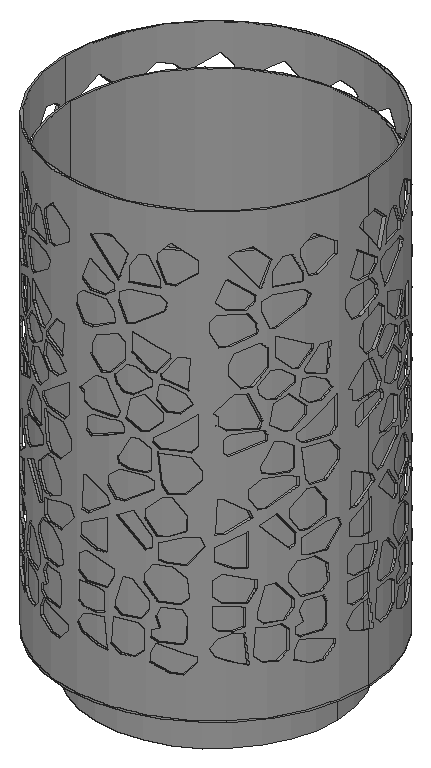
Revit family "Урна «Филигран» Арт 14824", category Антураж, Revit 2018 (continued)
Automatic sketch dimensions
  Extrusion 4 sketch curve to Extrusion 4 sketch curve = 3.3 mm
  Extrusion 4 sketch curve to Extrusion 4 sketch curve = 4.607 mm
  Extrusion 4 sketch curve to Extrusion 4 sketch curve = 5.991 mm
  Extrusion 4 sketch curve to Extrusion 4 sketch curve = 8.037 mm
  Extrusion 4 sketch curve to Extrusion 4 sketch curve = 5.089 mm
  Extrusion 4 sketch curve to Extrusion 4 sketch curve = 20.212 mm
  Extrusion 4 sketch curve to Extrusion 4 sketch curve = 0.868 mm
  Extrusion 4 sketch curve to Extrusion 4 sketch curve = 30.879 mm
  Extrusion 4 sketch curve to Extrusion 4 sketch curve = 6.83 mm
  Extrusion 4 sketch curve to Extrusion 4 sketch curve = 3.31 mm
  Extrusion 4 sketch curve to Extrusion 4 sketch curve = 2.209 mm
  Extrusion 4 sketch curve to Extrusion 4 sketch curve = 8.917 mm
  Extrusion 4 sketch curve to Extrusion 4 sketch curve = 3.401 mm
  Extrusion 4 sketch curve to Extrusion 4 sketch curve = 10.671 mm
  Extrusion 4 sketch curve to Extrusion 4 sketch curve = 0.568 mm
  Extrusion 4 sketch curve to Extrusion 4 sketch curve = 4.256 mm
  Extrusion 4 sketch curve to Extrusion 4 sketch curve = 4.125 mm
  Extrusion 4 sketch curve to Extrusion 4 sketch curve = 2.024 mm  (x2)
  Extrusion 4 sketch curve to Extrusion 4 sketch curve = 8.354 mm
  Extrusion 4 sketch curve to Extrusion 4 sketch curve = 5.299 mm
  Extrusion 4 sketch curve to Extrusion 4 sketch curve = 6.534 mm
  Extrusion 4 sketch curve to Extrusion 4 sketch curve = 4.612 mm
  Extrusion 4 sketch curve to Extrusion 4 sketch curve = 5.606 mm
  Extrusion 4 sketch curve to Extrusion 4 sketch curve = 7.361 mm  (x2)
  Extrusion 4 sketch curve to Extrusion 4 sketch curve = 4.705 mm
  Extrusion 4 sketch curve to Extrusion 4 sketch curve = 6.429 mm
  Extrusion 4 sketch curve to Extrusion 4 sketch curve = 8.905 mm
  Extrusion 4 sketch curve to Extrusion 4 sketch curve = 5.74 mm
  Extrusion 4 sketch curve to Extrusion 4 sketch curve = 20.352 mm
  Extrusion 4 sketch curve to Extrusion 4 sketch curve = 7.109 mm
  Extrusion 4 sketch curve to Extrusion 4 sketch curve = 3.592 mm  (x2)
  Extrusion 4 sketch curve to Extrusion 4 sketch curve = 8.132 mm
  Extrusion 4 sketch curve to Extrusion 4 sketch curve = 5.459 mm
  Extrusion 4 sketch curve to Extrusion 4 sketch curve = 6.799 mm
  Extrusion 4 sketch curve to Extrusion 4 sketch curve = 10.749 mm
  Extrusion 4 sketch curve to Extrusion 4 sketch curve = 5.002 mm
  Extrusion 4 sketch curve to Extrusion 4 sketch curve = 8.04 mm
  Extrusion 4 sketch curve to Extrusion 4 sketch curve = 2.091 mm
  Extrusion 4 sketch curve to Extrusion 4 sketch curve = 9.117 mm
  Extrusion 4 sketch curve to Extrusion 4 sketch curve = 3.602 mm
  Extrusion 4 sketch curve to Extrusion 4 sketch curve = 8.566 mm
  Extrusion 4 sketch curve to Extrusion 4 sketch curve = 1.279 mm
  Extrusion 4 sketch curve to Extrusion 4 sketch curve = 3.47 mm
  Extrusion 4 sketch curve to Extrusion 4 sketch curve = 12.786 mm
  Extrusion 4 sketch curve to Extrusion 4 sketch curve = 9.727 mm  (x2)
  Extrusion 4 sketch curve to Extrusion 4 sketch curve = 31.076 mm
  Extrusion 4 sketch curve to Extrusion 4 sketch curve = 11.559 mm
  Extrusion 4 sketch curve to Extrusion 4 sketch curve = 11.676 mm
  Extrusion 4 sketch curve to Extrusion 4 sketch curve = 11.409 mm
  Extrusion 4 sketch curve to Extrusion 4 sketch curve = 2.481 mm
  Extrusion 4 sketch curve to Extrusion 4 sketch curve = 8.663 mm
  Extrusion 4 sketch curve to Extrusion 4 sketch curve = 4.297 mm
  Extrusion 4 sketch curve to Extrusion 4 sketch curve = 15.112 mm
  Extrusion 4 sketch curve to Extrusion 4 sketch curve = 32.388 mm
  Extrusion 4 sketch curve to Extrusion 4 sketch curve = 10.174 mm
  Extrusion 4 sketch curve to Extrusion 4 sketch curve = 6.951 mm
  Extrusion 4 sketch curve to Extrusion 4 sketch curve = 14.787 mm
  Extrusion 4 sketch curve to Extrusion 4 sketch curve = 1.016 mm
  Extrusion 4 sketch curve to Extrusion 4 sketch curve = 1.533 mm
  Extrusion 4 sketch curve to Extrusion 4 sketch curve = 8.716 mm
  Extrusion 4 sketch curve to Extrusion 4 sketch curve = 5.703 mm  (x2)
  Extrusion 4 sketch curve to Extrusion 4 sketch curve = 10.281 mm
  Extrusion 4 sketch curve to Extrusion 4 sketch curve = 16.53 mm
  Extrusion 4 sketch curve to Extrusion 4 sketch curve = 3.13 mm
  Extrusion 4 sketch curve to Extrusion 4 sketch curve = 5.753 mm
  Extrusion 4 sketch curve to Extrusion 4 sketch curve = 15 mm  (x4)
  Extrusion 4 sketch curve to Extrusion 4 sketch curve = 9.888 mm
  Extrusion 4 sketch curve to Extrusion 4 sketch curve = 0.709 mm
  Extrusion 4 sketch curve to Extrusion 4 sketch curve = 10.408 mm
  Extrusion 4 sketch curve to Extrusion 4 sketch curve = 10.479 mm
  Extrusion 4 sketch curve to Extrusion 4 sketch curve = 8.092 mm  (x2)
  Extrusion 4 sketch curve to Extrusion 4 sketch curve = 0.753 mm
  Extrusion 4 sketch curve to Extrusion 4 sketch curve = 4.108 mm
  Extrusion 4 sketch curve to Extrusion 4 sketch curve = 16.773 mm
  Extrusion 4 sketch curve to Extrusion 4 sketch curve = 0.892 mm
  Extrusion 4 sketch curve to Extrusion 4 sketch curve = 1.907 mm
  Extrusion 4 sketch curve to Extrusion 4 sketch curve = 8.614 mm
  Extrusion 4 sketch curve to Extrusion 4 sketch curve = 1.043 mm
  Extrusion 4 sketch curve to Extrusion 4 sketch curve = 7.325 mm
  Extrusion 4 sketch curve to Extrusion 4 sketch curve = 6.503 mm
  Extrusion 4 sketch curve to Extrusion 4 sketch curve = 1.736 mm  (x2)
  Extrusion 4 sketch curve to Extrusion 4 sketch curve = 4.183 mm
  Extrusion 4 sketch curve to Extrusion 4 sketch curve = 8.47 mm
  Extrusion 4 sketch curve to plane 6 = 43.158 mm
  Extrusion 4 sketch curve to Extrusion 4 sketch curve = 17.678 mm
  Extrusion 4 sketch curve to Extrusion 4 sketch curve = 9.318 mm
  Extrusion 4 sketch curve to Extrusion 4 sketch curve = 3.834 mm
  Extrusion 4 sketch curve to Extrusion 4 sketch curve = 4.991 mm
  Extrusion 4 sketch curve to Extrusion 4 sketch curve = 3.033 mm
  Extrusion 4 sketch curve to Extrusion 4 sketch curve = 8.412 mm
  Extrusion 4 sketch curve to Extrusion 4 sketch curve = 11.911 mm  (x2)
  Extrusion 4 sketch curve to Extrusion 4 sketch curve = 7.65 mm  (x2)
  Extrusion 4 sketch curve to Extrusion 4 sketch curve = 4.293 mm
  Extrusion 4 sketch curve to Extrusion 4 sketch curve = 11.709 mm
  Extrusion 4 sketch curve to Extrusion 4 sketch curve = 0.819 mm
  Extrusion 4 sketch curve to Extrusion 4 sketch curve = 2.609 mm
  Extrusion 4 sketch curve to Extrusion 4 sketch curve = 5.555 mm
  Extrusion 4 sketch curve to Extrusion 4 sketch curve = 6.128 mm
  Extrusion 4 sketch curve to Extrusion 4 sketch curve = 10.218 mm
  Extrusion 4 sketch curve to Extrusion 4 sketch curve = 10.487 mm
  Extrusion 4 sketch curve to Extrusion 4 sketch curve = 14.489 mm
  Extrusion 4 sketch curve to Extrusion 4 sketch curve = 5.237 mm
  Extrusion 4 sketch curve to Extrusion 4 sketch curve = 9.063 mm  (x3)
  Extrusion 4 sketch curve to Extrusion 4 sketch curve = 22.47 mm
  Extrusion 4 sketch curve to Extrusion 4 sketch curve = 2.619 mm
  Extrusion 4 sketch curve to Extrusion 4 sketch curve = 2.763 mm
  Extrusion 4 sketch curve to Extrusion 4 sketch curve = 23.668 mm
  Extrusion 4 sketch curve to Extrusion 4 sketch curve = 1.426 mm
  Extrusion 4 sketch curve to Extrusion 4 sketch curve = 4.574 mm
  Extrusion 4 sketch curve to Extrusion 4 sketch curve = 1.848 mm
  Extrusion 4 sketch curve to Extrusion 4 sketch curve = 5.761 mm  (x2)
  Extrusion 4 sketch curve to Extrusion 4 sketch curve = 1.466 mm
  Extrusion 4 sketch curve to Extrusion 4 sketch curve = 18.596 mm
  Extrusion 4 sketch curve to Extrusion 4 sketch curve = 4.575 mm  (x2)
  Extrusion 4 sketch curve to Extrusion 4 sketch curve = 11.805 mm
  Extrusion 4 sketch curve to Extrusion 4 sketch curve = 10.054 mm
  Extrusion 4 sketch curve to Extrusion 4 sketch curve = 20.79 mm
  Extrusion 4 sketch curve to Extrusion 4 sketch curve = 8.964 mm
  Extrusion 4 sketch curve to Extrusion 4 sketch curve = 9.033 mm
  Extrusion 4 sketch curve to Extrusion 4 sketch curve = 7.689 mm
  Extrusion 4 sketch curve to Extrusion 4 sketch curve = 0.858 mm
  Extrusion 4 sketch curve to Extrusion 4 sketch curve = 8.252 mm
  Extrusion 4 sketch curve to Extrusion 4 sketch curve = 3.917 mm
  Extrusion 4 sketch curve to Extrusion 4 sketch curve = 16.557 mm
  Extrusion 4 sketch curve to Extrusion 4 sketch curve = 7.576 mm
  Extrusion 4 sketch curve to Extrusion 4 sketch curve = 6.759 mm
  Extrusion 4 sketch curve to Extrusion 4 sketch curve = 8.195 mm  (x4)
  Extrusion 4 sketch curve to Extrusion 4 sketch curve = 7.097 mm
  Extrusion 4 sketch curve to Extrusion 4 sketch curve = 3.164 mm
  Extrusion 4 sketch curve to Extrusion 4 sketch curve = 5.016 mm
  Extrusion 4 sketch curve to Extrusion 4 sketch curve = 14.156 mm
  Extrusion 4 sketch curve to Extrusion 4 sketch curve = 3.81 mm
  Extrusion 4 sketch curve to Extrusion 4 sketch curve = 20.711 mm
  Extrusion 4 sketch curve to Extrusion 4 sketch curve = 4.964 mm
  Extrusion 4 sketch curve to Extrusion 4 sketch curve = 5.036 mm
  Extrusion 4 sketch curve to Extrusion 4 sketch curve = 0.908 mm
  Extrusion 4 sketch curve to Extrusion 4 sketch curve = 6.208 mm
  Extrusion 4 sketch curve to Extrusion 4 sketch curve = 8.77 mm
  Extrusion 4 sketch curve to Extrusion 4 sketch curve = 27.604 mm
  Extrusion 4 sketch curve to Extrusion 4 sketch curve = 7.475 mm
  Extrusion 4 sketch curve to Extrusion 4 sketch curve = 0.23 mm
  Extrusion 4 sketch curve to Extrusion 4 sketch curve = 7.131 mm
  Extrusion 4 sketch curve to Extrusion 4 sketch curve = 8.416 mm
  Extrusion 4 sketch curve to Extrusion 4 sketch curve = 10.206 mm
  Extrusion 4 sketch curve to Extrusion 4 sketch curve = 11.567 mm
  Extrusion 4 sketch curve to Extrusion 4 sketch curve = 4.461 mm
  Extrusion 4 sketch curve to Extrusion 4 sketch curve = 9.249 mm
  Extrusion 4 sketch curve to Extrusion 4 sketch curve = 12.477 mm
  Extrusion 4 sketch curve to Extrusion 4 sketch curve = 10.973 mm
  Extrusion 4 sketch curve to Extrusion 4 sketch curve = 8.258 mm  (x2)
  Extrusion 4 sketch curve to Extrusion 4 sketch curve = 3.669 mm
  Extrusion 4 sketch curve to Extrusion 4 sketch curve = 8.083 mm
  Extrusion 4 sketch curve to Extrusion 4 sketch curve = 10.92 mm
  Extrusion 4 sketch curve to Extrusion 4 sketch curve = 17.565 mm
  Extrusion 4 sketch curve to Extrusion 4 sketch curve = 8.496 mm
  Extrusion 4 sketch curve to Extrusion 4 sketch curve = 19.844 mm
  Extrusion 4 sketch curve to Extrusion 4 sketch curve = 2.33 mm
  Extrusion 4 sketch curve to Extrusion 4 sketch curve = 5 mm  (x2)
  Extrusion 4 sketch curve to Extrusion 4 sketch curve = 10.402 mm
  Extrusion 4 sketch curve to Extrusion 4 sketch curve = 13.382 mm
  Extrusion 4 sketch curve to Extrusion 4 sketch curve = 11.595 mm
  Extrusion 4 sketch curve to Extrusion 4 sketch curve = 4.05 mm
  Extrusion 4 sketch curve to Extrusion 4 sketch curve = 12.1 mm
  Extrusion 4 sketch curve to Extrusion 4 sketch curve = 2.912 mm
  Extrusion 4 sketch curve to Extrusion 4 sketch curve = 2.022 mm
  Extrusion 4 sketch curve to Extrusion 4 sketch curve = 4.924 mm
  Extrusion 4 sketch curve to Extrusion 4 sketch curve = 2.178 mm
  Extrusion 4 sketch curve to Extrusion 4 sketch curve = 15.916 mm
  Extrusion 4 sketch curve to Extrusion 4 sketch curve = 4.054 mm
  Extrusion 4 sketch curve to Extrusion 4 sketch curve = 1.017 mm
  Extrusion 4 sketch curve to Extrusion 4 sketch curve = 3.774 mm
  Extrusion 4 sketch curve to Extrusion 4 sketch curve = 3.857 mm
  Extrusion 4 sketch curve to Extrusion 4 sketch curve = 4.381 mm
  Extrusion 4 sketch curve to Extrusion 4 sketch curve = 6.592 mm
  Extrusion 4 sketch curve to Extrusion 4 sketch curve = 9.848 mm
  Extrusion 4 sketch curve to Extrusion 4 sketch curve = 10.453 mm
  Extrusion 4 sketch curve to Extrusion 4 sketch curve = 5.241 mm
  Extrusion 4 sketch curve to Extrusion 4 sketch curve = 12.19 mm
  Extrusion 4 sketch curve to Extrusion 4 sketch curve = 21.538 mm
  Extrusion 4 sketch curve to Extrusion 4 sketch curve = 9.748 mm
  Extrusion 4 sketch curve to Extrusion 4 sketch curve = 10.86 mm
  Extrusion 4 sketch curve to Extrusion 4 sketch curve = 2.208 mm
  Extrusion 4 sketch curve to Extrusion 4 sketch curve = 18.421 mm
  Extrusion 4 sketch curve to Extrusion 4 sketch curve = 11.396 mm
  Extrusion 4 sketch curve to Extrusion 4 sketch curve = 5.246 mm
  Extrusion 4 sketch curve to Extrusion 4 sketch curve = 5.552 mm
  Extrusion 4 sketch curve to Extrusion 4 sketch curve = 2.452 mm
  Extrusion 4 sketch curve to Extrusion 4 sketch curve = 4.94 mm
  Extrusion 4 sketch curve to Extrusion 4 sketch curve = 11.143 mm
  Extrusion 4 sketch curve to Extrusion 4 sketch curve = 5.647 mm
  Extrusion 4 sketch curve to Extrusion 4 sketch curve = 6.001 mm
  Extrusion 4 sketch curve to Extrusion 4 sketch curve = 5.368 mm
  Extrusion 4 sketch curve to Extrusion 4 sketch curve = 6.924 mm
  Extrusion 4 sketch curve to Extrusion 4 sketch curve = 2.921 mm
  Extrusion 4 sketch curve to Extrusion 4 sketch curve = 38.84 mm
  Extrusion 4 sketch curve to Extrusion 4 sketch curve = 5.217 mm
  Extrusion 4 sketch curve to Extrusion 4 sketch curve = 27.012 mm
  Extrusion 4 sketch curve to Extrusion 4 sketch curve = 15.543 mm
  Extrusion 4 sketch curve to Extrusion 4 sketch curve = 7.16 mm
  Extrusion 4 sketch curve to Extrusion 4 sketch curve = 21.902 mm
  Extrusion 4 sketch curve to Extrusion 4 sketch curve = 3.026 mm
  Extrusion 4 sketch curve to Extrusion 4 sketch curve = 6.749 mm
  Extrusion 4 sketch curve to Extrusion 4 sketch curve = 12.277 mm
  Extrusion 4 sketch curve to Extrusion 4 sketch curve = 11.427 mm
  Extrusion 4 sketch curve to Extrusion 4 sketch curve = 3.19 mm
  Extrusion 4 sketch curve to Extrusion 4 sketch curve = 6.81 mm
  Extrusion 4 sketch curve to Extrusion 4 sketch curve = 8.979 mm
  Extrusion 4 sketch curve to Extrusion 4 sketch curve = 8.508 mm
  Extrusion 4 sketch curve to Extrusion 4 sketch curve = 4.194 mm
  Extrusion 4 sketch curve to Extrusion 4 sketch curve = 10.378 mm
  Extrusion 4 sketch curve to Extrusion 4 sketch curve = 13.31 mm
  Extrusion 4 sketch curve to Extrusion 4 sketch curve = 4.736 mm
  Extrusion 4 sketch curve to Extrusion 4 sketch curve = 24.419 mm
  Extrusion 4 sketch curve to Extrusion 4 sketch curve = 8.064 mm
  Extrusion 4 sketch curve to Extrusion 4 sketch curve = 9.397 mm
  Extrusion 4 sketch curve to Extrusion 4 sketch curve = 9.912 mm
  Extrusion 4 sketch curve to Extrusion 4 sketch curve = 9.56 mm
  Extrusion 4 sketch curve to Extrusion 4 sketch curve = 18.112 mm
  Extrusion 4 sketch curve to Extrusion 4 sketch curve = 5.975 mm
  Extrusion 4 sketch curve to Extrusion 4 sketch curve = 1.819 mm
  Extrusion 4 sketch curve to Extrusion 4 sketch curve = 0.663 mm
  Extrusion 4 sketch curve to Extrusion 4 sketch curve = 5.996 mm
  Extrusion 4 sketch curve to Extrusion 4 sketch curve = 2.793 mm
  Extrusion 4 sketch curve to Extrusion 4 sketch curve = 1.8 mm
  Extrusion 4 sketch curve to Extrusion 4 sketch curve = 10.675 mm
  Extrusion 4 sketch curve to Extrusion 4 sketch curve = 6.476 mm
  Extrusion 4 sketch curve to Extrusion 4 sketch curve = 15.909 mm
  Extrusion 4 sketch curve to Extrusion 4 sketch curve = 6.115 mm
  Extrusion 4 sketch curve to Extrusion 4 sketch curve = 3.769 mm
  Extrusion 4 sketch curve to Extrusion 4 sketch curve = 16.398 mm
  Extrusion 4 sketch curve to Extrusion 4 sketch curve = 13.448 mm
  Extrusion 4 sketch curve to Extrusion 4 sketch curve = 22.918 mm
  Extrusion 4 sketch curve to Extrusion 4 sketch curve = 3.067 mm
  Extrusion 4 sketch curve to Extrusion 4 sketch curve = 8.209 mm
  Extrusion 4 sketch curve to Extrusion 4 sketch curve = 5.207 mm
  Extrusion 4 sketch curve to Extrusion 4 sketch curve = 15.923 mm
  Extrusion 4 sketch curve to Extrusion 4 sketch curve = 13.021 mm
  Extrusion 4 sketch curve to Extrusion 4 sketch curve = 15.468 mm
  Extrusion 4 sketch curve to Extrusion 4 sketch curve = 6.408 mm
  Extrusion 4 sketch curve to Extrusion 4 sketch curve = 9.325 mm
  Extrusion 4 sketch curve to Extrusion 4 sketch curve = 19.538 mm
  Extrusion 4 sketch curve to Extrusion 4 sketch curve = 23.239 mm
  Extrusion 4 sketch curve to Extrusion 4 sketch curve = 7.392 mm
  Extrusion 4 sketch curve to Extrusion 4 sketch curve = 2.351 mm
  Extrusion 4 sketch curve to Extrusion 4 sketch curve = 5.343 mm
  Extrusion 4 sketch curve to Extrusion 4 sketch curve = 5.238 mm
  Extrusion 4 sketch curve to Extrusion 4 sketch curve = 7.126 mm
  Extrusion 4 sketch curve to Extrusion 4 sketch curve = 11.271 mm
  Extrusion 4 sketch curve to Extrusion 4 sketch curve = 4.82 mm
  Extrusion 4 sketch curve to Extrusion 4 sketch curve = 6.938 mm
  Extrusion 4 sketch curve to Extrusion 4 sketch curve = 12.287 mm
  Extrusion 4 sketch curve to Extrusion 4 sketch curve = 24.531 mm
  Extrusion 4 sketch curve to Extrusion 4 sketch curve = 8.588 mm
  Extrusion 4 sketch curve to Extrusion 4 sketch curve = 1.861 mm
  Extrusion 4 sketch curve to Extrusion 4 sketch curve = 13.779 mm
  Extrusion 4 sketch curve to Extrusion 4 sketch curve = 6.475 mm
  Extrusion 4 sketch curve to Extrusion 4 sketch curve = 3.283 mm
  Extrusion 4 sketch curve to Extrusion 4 sketch curve = 4.152 mm
  Extrusion 4 sketch curve to Extrusion 4 sketch curve = 0.554 mm
  Extrusion 4 sketch curve to Extrusion 4 sketch curve = 7.863 mm
  Extrusion 4 sketch curve to Extrusion 4 sketch curve = 25 mm
  Extrusion 4 sketch curve to Extrusion 4 sketch curve = 7.673 mm
  Extrusion 4 sketch curve to Extrusion 4 sketch curve = 7.169 mm
  Extrusion 4 sketch curve to Extrusion 4 sketch curve = 12.428 mm
  Extrusion 4 sketch curve to Extrusion 4 sketch curve = 4.55 mm
  Extrusion 4 sketch curve to Extrusion 4 sketch curve = 11.081 mm
  Extrusion 4 sketch curve to Extrusion 4 sketch curve = 9.682 mm
  Extrusion 4 sketch curve to Extrusion 4 sketch curve = 13.624 mm
  Extrusion 4 sketch curve to Extrusion 4 sketch curve = 1.37 mm
  Extrusion 4 sketch curve to Extrusion 4 sketch curve = 7.062 mm
  Extrusion 4 sketch curve to Extrusion 4 sketch curve = 2.359 mm
  Extrusion 4 sketch curve to Extrusion 4 sketch curve = 10.416 mm
  Extrusion 4 sketch curve to Extrusion 4 sketch curve = 8.471 mm
  Extrusion 4 sketch curve to Extrusion 4 sketch curve = 9.643 mm
  level to Extrusion 5 sketch curve = 258.66 mm
  Extrusion 5 sketch curve to Extrusion 5 sketch curve = 3.475 mm
  Extrusion 5 sketch curve to Extrusion 5 sketch curve = 5.917 mm
  Extrusion 5 sketch curve to plane 6 = 57.671 mm  (x2)
  Extrusion 5 sketch curve to Extrusion 5 sketch curve = 4.003 mm
  Extrusion 5 sketch curve to Extrusion 5 sketch curve = 4.036 mm
  Extrusion 5 sketch curve to Extrusion 5 sketch curve = 8.618 mm
  Extrusion 5 sketch curve to plane 6 = 226.764 mm
  Extrusion 5 sketch curve to Extrusion 5 sketch curve = 4.755 mm
  Extrusion 5 sketch curve to plane 6 = 282.423 mm
  Extrusion 5 sketch curve to Extrusion 5 sketch curve = 7.071 mm  (x3)
  Extrusion 5 sketch curve to Extrusion 5 sketch curve = 2.95 mm
  Extrusion 5 sketch curve to Extrusion 5 sketch curve = 1.479 mm
  level to Extrusion 5 sketch curve = 196.579 mm
  Extrusion 5 sketch curve to Extrusion 5 sketch curve = 16.901 mm
  Extrusion 5 sketch curve to plane 6 = 210.193 mm
  Extrusion 5 sketch curve to Extrusion 5 sketch curve = 5.63 mm
  level to Extrusion 5 sketch curve = 219.818 mm
  Extrusion 5 sketch curve to Extrusion 5 sketch curve = 2.033 mm
  Extrusion 5 sketch curve to Extrusion 5 sketch curve = 0.296 mm
  level to Extrusion 5 sketch curve = 269.335 mm
  Extrusion 5 sketch curve to Extrusion 5 sketch curve = 13.314 mm
  level to Extrusion 5 sketch curve = 293.443 mm
  Extrusion 5 sketch curve to Extrusion 5 sketch curve = 0 mm  (x4)
  level to Extrusion 5 sketch curve = 174.886 mm
  Extrusion 5 sketch curve to Extrusion 5 sketch curve = 2.347 mm
  Extrusion 5 sketch curve to plane 6 = 214.574 mm
  Extrusion 5 sketch curve to Extrusion 5 sketch curve = 3.111 mm
  Extrusion 5 sketch curve to Extrusion 5 sketch curve = 1.921 mm
  level to Extrusion 5 sketch curve = 142.717 mm
  Extrusion 5 sketch curve to Extrusion 5 sketch curve = 3.5 mm
  Extrusion 5 sketch curve to Extrusion 5 sketch curve = 14.142 mm  (x2)
  Extrusion 5 sketch curve to Extrusion 5 sketch curve = 4.226 mm  (x2)
  Extrusion 5 sketch curve to plane 6 = 237.624 mm
  Extrusion 5 sketch curve to Extrusion 5 sketch curve = 13.411 mm
  Extrusion 5 sketch curve to Extrusion 5 sketch curve = 2.555 mm
  Extrusion 5 sketch curve to plane 6 = 171.858 mm
  Extrusion 5 sketch curve to Extrusion 5 sketch curve = 13.402 mm
  Extrusion 5 sketch curve to plane 6 = 88.362 mm
  Extrusion 5 sketch curve to Extrusion 5 sketch curve = 23.515 mm
  Extrusion 5 sketch curve to Extrusion 5 sketch curve = 12.773 mm
  level to Extrusion 5 sketch curve = 232.674 mm
  Extrusion 5 sketch curve to Extrusion 5 sketch curve = 15.025 mm
  Extrusion 5 sketch curve to plane 6 = 39.436 mm
  Extrusion 5 sketch curve to Extrusion 5 sketch curve = 28.08 mm
  Extrusion 5 sketch curve to plane 6 = 174.528 mm
  Extrusion 5 sketch curve to Extrusion 5 sketch curve = 7.66 mm
  Extrusion 5 sketch curve to Extrusion 5 sketch curve = 14.168 mm
  Extrusion 5 sketch curve to plane 6 = 206.419 mm
  Extrusion 5 sketch curve to Extrusion 5 sketch curve = 16.342 mm
  Extrusion 5 sketch curve to plane 6 = 109.299 mm
  Extrusion 5 sketch curve to Extrusion 5 sketch curve = 7.958 mm
  level to Extrusion 5 sketch curve = 266.542 mm
  Extrusion 5 sketch curve to Extrusion 5 sketch curve = 19.741 mm
  level to Extrusion 5 sketch curve = 317.862 mm
  Extrusion 5 sketch curve to Extrusion 5 sketch curve = 5.393 mm
  Extrusion 5 sketch curve to Extrusion 5 sketch curve = 14.055 mm
  level to Extrusion 5 sketch curve = 138.167 mm
  Extrusion 5 sketch curve to Extrusion 5 sketch curve = 17.512 mm
  Extrusion 5 sketch curve to Extrusion 5 sketch curve = 10 mm  (x6)
  Extrusion 5 sketch curve to Extrusion 5 sketch curve = 7.253 mm
  Extrusion 5 sketch curve to plane 6 = 120.866 mm  (x2)
  Extrusion 5 sketch curve to Extrusion 5 sketch curve = 3.536 mm  (x3)
  Extrusion 5 sketch curve to plane 6 = 239.831 mm
  Extrusion 5 sketch curve to Extrusion 5 sketch curve = 3.3 mm
  level to Extrusion 5 sketch curve = 313.668 mm
  Extrusion 5 sketch curve to Extrusion 5 sketch curve = 4.607 mm
  Extrusion 5 sketch curve to plane 6 = 324.159 mm
  Extrusion 5 sketch curve to Extrusion 5 sketch curve = 5.991 mm
  Extrusion 5 sketch curve to plane 6 = 200.187 mm
  Extrusion 5 sketch curve to Extrusion 5 sketch curve = 8.037 mm
  Extrusion 5 sketch curve to plane 6 = 83.398 mm
  Extrusion 5 sketch curve to Extrusion 5 sketch curve = 5.089 mm
  Extrusion 5 sketch curve to plane 6 = 102.168 mm
  level to Extrusion 5 sketch curve = 183.949 mm
  Extrusion 5 sketch curve to Extrusion 5 sketch curve = 20.212 mm
  Extrusion 5 sketch curve to plane 6 = 195.263 mm
  Extrusion 5 sketch curve to Extrusion 5 sketch curve = 0.868 mm
  Extrusion 5 sketch curve to Extrusion 5 sketch curve = 30.879 mm
  level to Extrusion 5 sketch curve = 159.317 mm  (x2)
  Extrusion 5 sketch curve to Extrusion 5 sketch curve = 6.83 mm
  Extrusion 5 sketch curve to Extrusion 5 sketch curve = 3.31 mm
  Extrusion 5 sketch curve to Extrusion 5 sketch curve = 2.209 mm
  Extrusion 5 sketch curve to Extrusion 5 sketch curve = 8.917 mm
  Extrusion 5 sketch curve to Extrusion 5 sketch curve = 3.401 mm
  level to Extrusion 5 sketch curve = 258.265 mm
  Extrusion 5 sketch curve to Extrusion 5 sketch curve = 10.671 mm
  Extrusion 5 sketch curve to Extrusion 5 sketch curve = 0.568 mm
  Extrusion 5 sketch curve to Extrusion 5 sketch curve = 4.256 mm
  Extrusion 5 sketch curve to Extrusion 5 sketch curve = 4.125 mm
  level to Extrusion 5 sketch curve = 140.693 mm
  Extrusion 5 sketch curve to Extrusion 5 sketch curve = 2.024 mm
  Extrusion 5 sketch curve to plane 6 = 225.97 mm
  Extrusion 5 sketch curve to Extrusion 5 sketch curve = 8.354 mm
  level to Extrusion 5 sketch curve = 173.096 mm
  Extrusion 5 sketch curve to Extrusion 5 sketch curve = 5.299 mm
  Extrusion 5 sketch curve to plane 6 = 320.969 mm
  Extrusion 5 sketch curve to Extrusion 5 sketch curve = 6.534 mm
  Extrusion 5 sketch curve to Extrusion 5 sketch curve = 4.612 mm
  Extrusion 5 sketch curve to plane 6 = 210.276 mm
  Extrusion 5 sketch curve to Extrusion 5 sketch curve = 5.606 mm
  Extrusion 5 sketch curve to Extrusion 5 sketch curve = 7.361 mm
  level to Extrusion 5 sketch curve = 252.15 mm
  Extrusion 5 sketch curve to Extrusion 5 sketch curve = 4.705 mm
  Extrusion 5 sketch curve to plane 6 = 283.32 mm
  Extrusion 5 sketch curve to Extrusion 5 sketch curve = 6.429 mm
  Extrusion 5 sketch curve to Extrusion 5 sketch curve = 8.905 mm
  level to Extrusion 5 sketch curve = 177.916 mm
  Extrusion 5 sketch curve to Extrusion 5 sketch curve = 5.74 mm
  level to Extrusion 5 sketch curve = 117.825 mm
  Extrusion 5 sketch curve to Extrusion 5 sketch curve = 20.352 mm
  Extrusion 5 sketch curve to Extrusion 5 sketch curve = 7.109 mm
  Extrusion 5 sketch curve to plane 6 = 264.693 mm  (x2)
  Extrusion 5 sketch curve to Extrusion 5 sketch curve = 3.592 mm  (x2)
  Extrusion 5 sketch curve to Extrusion 5 sketch curve = 8.132 mm
  Extrusion 5 sketch curve to plane 6 = 312.568 mm
  Extrusion 5 sketch curve to Extrusion 5 sketch curve = 5.459 mm
  level to Extrusion 5 sketch curve = 248.381 mm
  Extrusion 5 sketch curve to Extrusion 5 sketch curve = 6.799 mm  (x2)
  Extrusion 5 sketch curve to plane 6 = 220.729 mm
  Extrusion 5 sketch curve to Extrusion 5 sketch curve = 10.749 mm
  Extrusion 5 sketch curve to Extrusion 5 sketch curve = 5.002 mm
  Extrusion 5 sketch curve to Extrusion 5 sketch curve = 8.04 mm
  Extrusion 5 sketch curve to plane 6 = 315.46 mm
  Extrusion 5 sketch curve to Extrusion 5 sketch curve = 2.091 mm
  Extrusion 5 sketch curve to Extrusion 5 sketch curve = 9.117 mm
  Extrusion 5 sketch curve to Extrusion 5 sketch curve = 3.602 mm
  Extrusion 5 sketch curve to Extrusion 5 sketch curve = 8.566 mm
  Extrusion 5 sketch curve to Extrusion 5 sketch curve = 1.279 mm
  level to Extrusion 5 sketch curve = 161.682 mm
  Extrusion 5 sketch curve to Extrusion 5 sketch curve = 3.47 mm
  Extrusion 5 sketch curve to Extrusion 5 sketch curve = 12.786 mm
  level to Extrusion 5 sketch curve = 119.884 mm
  Extrusion 5 sketch curve to Extrusion 5 sketch curve = 9.727 mm
  Extrusion 5 sketch curve to plane 6 = 141.601 mm
  Extrusion 5 sketch curve to Extrusion 5 sketch curve = 31.076 mm
  Extrusion 5 sketch curve to plane 6 = 224.181 mm
  Extrusion 5 sketch curve to Extrusion 5 sketch curve = 11.559 mm
  level to Extrusion 5 sketch curve = 291.877 mm
  Extrusion 5 sketch curve to Extrusion 5 sketch curve = 11.676 mm
  Extrusion 5 sketch curve to Extrusion 5 sketch curve = 11.409 mm
  Extrusion 5 sketch curve to Extrusion 5 sketch curve = 2.481 mm
  Extrusion 5 sketch curve to Extrusion 5 sketch curve = 8.663 mm
  Extrusion 5 sketch curve to plane 6 = 229.884 mm
  Extrusion 5 sketch curve to Extrusion 5 sketch curve = 4.297 mm
  Extrusion 5 sketch curve to Extrusion 5 sketch curve = 15.112 mm
  Extrusion 5 sketch curve to Extrusion 5 sketch curve = 32.388 mm
  Extrusion 5 sketch curve to plane 6 = 74.992 mm
  Extrusion 5 sketch curve to plane 6 = 60.835 mm
  Extrusion 5 sketch curve to Extrusion 5 sketch curve = 10.174 mm
  Extrusion 5 sketch curve to Extrusion 5 sketch curve = 6.951 mm
  Extrusion 5 sketch curve to plane 6 = 253.55 mm
  Extrusion 5 sketch curve to Extrusion 5 sketch curve = 14.787 mm
  Extrusion 5 sketch curve to Extrusion 5 sketch curve = 1.016 mm
  Extrusion 5 sketch curve to Extrusion 5 sketch curve = 1.533 mm
  level to Extrusion 5 sketch curve = 299.941 mm  (x2)
  Extrusion 5 sketch curve to Extrusion 5 sketch curve = 8.716 mm
  Extrusion 5 sketch curve to Extrusion 5 sketch curve = 5.703 mm
  Extrusion 5 sketch curve to Extrusion 5 sketch curve = 10.281 mm
  Extrusion 5 sketch curve to Extrusion 5 sketch curve = 16.53 mm
  Extrusion 5 sketch curve to Extrusion 5 sketch curve = 3.13 mm
  Extrusion 5 sketch curve to plane 6 = 248.305 mm
  Extrusion 5 sketch curve to Extrusion 5 sketch curve = 5.753 mm
  Extrusion 5 sketch curve to Extrusion 5 sketch curve = 15 mm  (x3)
  Extrusion 5 sketch curve to Extrusion 5 sketch curve = 9.888 mm
  Extrusion 5 sketch curve to plane 6 = 308.711 mm
  Extrusion 5 sketch curve to Extrusion 5 sketch curve = 0.709 mm
  Extrusion 5 sketch curve to plane 6 = 94.306 mm
  Extrusion 5 sketch curve to Extrusion 5 sketch curve = 10.408 mm
  Extrusion 5 sketch curve to plane 6 = 108.218 mm
  Extrusion 5 sketch curve to Extrusion 5 sketch curve = 10.479 mm
  Extrusion 5 sketch curve to plane 6 = 156.19 mm
  Extrusion 5 sketch curve to Extrusion 5 sketch curve = 8.092 mm  (x2)
  Extrusion 5 sketch curve to plane 6 = 301.55 mm
  Extrusion 5 sketch curve to Extrusion 5 sketch curve = 0.753 mm
  Extrusion 5 sketch curve to Extrusion 5 sketch curve = 4.108 mm
  Extrusion 5 sketch curve to plane 6 = 217.11 mm
  level to Extrusion 5 sketch curve = 280.985 mm
  Extrusion 5 sketch curve to Extrusion 5 sketch curve = 16.773 mm
  Extrusion 5 sketch curve to plane 6 = 259.047 mm
  Extrusion 5 sketch curve to Extrusion 5 sketch curve = 0.892 mm
  Extrusion 5 sketch curve to plane 6 = 145.27 mm
  Extrusion 5 sketch curve to Extrusion 5 sketch curve = 1.907 mm
  Extrusion 5 sketch curve to Extrusion 5 sketch curve = 8.614 mm
  Extrusion 5 sketch curve to plane 6 = 133.343 mm
  Extrusion 5 sketch curve to Extrusion 5 sketch curve = 1.043 mm
  Extrusion 5 sketch curve to Extrusion 5 sketch curve = 7.325 mm
  Extrusion 5 sketch curve to Extrusion 5 sketch curve = 6.503 mm  (x2)
  Extrusion 5 sketch curve to plane 6 = 207.262 mm
  Extrusion 5 sketch curve to Extrusion 5 sketch curve = 1.736 mm
  Extrusion 5 sketch curve to Extrusion 5 sketch curve = 4.183 mm
  Extrusion 5 sketch curve to Extrusion 5 sketch curve = 8.47 mm
  Extrusion 5 sketch curve to plane 6 = 43.158 mm
  Extrusion 5 sketch curve to Extrusion 5 sketch curve = 17.678 mm  (x2)
  level to Extrusion 5 sketch curve = 129.202 mm
  Extrusion 5 sketch curve to Extrusion 5 sketch curve = 9.318 mm
  Extrusion 5 sketch curve to plane 6 = 206.245 mm
  Extrusion 5 sketch curve to Extrusion 5 sketch curve = 3.834 mm
  level to Extrusion 5 sketch curve = 290.544 mm
  Extrusion 5 sketch curve to Extrusion 5 sketch curve = 4.991 mm
  level to Extrusion 5 sketch curve = 119.52 mm
  Extrusion 5 sketch curve to Extrusion 5 sketch curve = 3.033 mm
  Extrusion 5 sketch curve to Extrusion 5 sketch curve = 8.412 mm
  Extrusion 5 sketch curve to Extrusion 5 sketch curve = 11.911 mm
  Extrusion 5 sketch curve to Extrusion 5 sketch curve = 7.65 mm  (x2)
  Extrusion 5 sketch curve to Extrusion 5 sketch curve = 4.293 mm
  Extrusion 5 sketch curve to Extrusion 5 sketch curve = 11.709 mm
  Extrusion 5 sketch curve to Extrusion 5 sketch curve = 0.819 mm
  Extrusion 5 sketch curve to Extrusion 5 sketch curve = 2.609 mm
  level to Extrusion 5 sketch curve = 157.069 mm
  Extrusion 5 sketch curve to plane 6 = 207.982 mm
  Extrusion 5 sketch curve to Extrusion 5 sketch curve = 5.555 mm
  level to Extrusion 5 sketch curve = 189.187 mm
  Extrusion 5 sketch curve to Extrusion 5 sketch curve = 6.128 mm
  level to Extrusion 5 sketch curve = 121.879 mm
  Extrusion 5 sketch curve to Extrusion 5 sketch curve = 10.218 mm
  Extrusion 5 sketch curve to Extrusion 5 sketch curve = 10.487 mm
  Extrusion 5 sketch curve to plane 6 = 47.04 mm
  Extrusion 5 sketch curve to Extrusion 5 sketch curve = 14.489 mm
  Extrusion 5 sketch curve to Extrusion 5 sketch curve = 5.237 mm
  Extrusion 5 sketch curve to Extrusion 5 sketch curve = 9.063 mm
  Extrusion 5 sketch curve to plane 6 = 167.149 mm
  Extrusion 5 sketch curve to Extrusion 5 sketch curve = 22.47 mm
  Extrusion 5 sketch curve to Extrusion 5 sketch curve = 2.619 mm
  level to Extrusion 5 sketch curve = 156.034 mm
  Extrusion 5 sketch curve to plane 6 = 261.534 mm
  Extrusion 5 sketch curve to Extrusion 5 sketch curve = 23.668 mm
  Extrusion 5 sketch curve to plane 6 = 287.11 mm
  Extrusion 5 sketch curve to Extrusion 5 sketch curve = 1.426 mm
  Extrusion 5 sketch curve to plane 6 = 180.532 mm
  Extrusion 5 sketch curve to Extrusion 5 sketch curve = 4.574 mm
  Extrusion 5 sketch curve to Extrusion 5 sketch curve = 1.848 mm
  Extrusion 5 sketch curve to plane 6 = 52.801 mm
  Extrusion 5 sketch curve to Extrusion 5 sketch curve = 5.761 mm
  Extrusion 5 sketch curve to plane 6 = 78.801 mm
  Extrusion 5 sketch curve to Extrusion 5 sketch curve = 1.466 mm
  level to Extrusion 5 sketch curve = 272.528 mm
  Extrusion 5 sketch curve to Extrusion 5 sketch curve = 18.596 mm
  Extrusion 5 sketch curve to Extrusion 5 sketch curve = 4.575 mm  (x2)
  level to Extrusion 5 sketch curve = 191.538 mm
  Extrusion 5 sketch curve to Extrusion 5 sketch curve = 11.805 mm
  level to Extrusion 5 sketch curve = 227.467 mm
  Extrusion 5 sketch curve to Extrusion 5 sketch curve = 10.054 mm
  Extrusion 5 sketch curve to Extrusion 5 sketch curve = 20.79 mm
  Extrusion 5 sketch curve to Extrusion 5 sketch curve = 8.964 mm
  Extrusion 5 sketch curve to plane 6 = 158.654 mm
  Extrusion 5 sketch curve to Extrusion 5 sketch curve = 9.033 mm
  Extrusion 5 sketch curve to Extrusion 5 sketch curve = 7.689 mm
  level to Extrusion 5 sketch curve = 151.454 mm
  Extrusion 5 sketch curve to Extrusion 5 sketch curve = 0.858 mm
  Extrusion 5 sketch curve to Extrusion 5 sketch curve = 8.252 mm
  Extrusion 5 sketch curve to Extrusion 5 sketch curve = 3.917 mm
  level to Extrusion 5 sketch curve = 129.963 mm
  Extrusion 5 sketch curve to Extrusion 5 sketch curve = 16.557 mm
  level to Extrusion 5 sketch curve = 273.191 mm
  Extrusion 5 sketch curve to Extrusion 5 sketch curve = 7.576 mm
  Extrusion 5 sketch curve to plane 6 = 106.405 mm
  level to Extrusion 5 sketch curve = 240.883 mm
  Extrusion 5 sketch curve to Extrusion 5 sketch curve = 6.759 mm
  Extrusion 5 sketch curve to plane 6 = 236.112 mm
  Extrusion 5 sketch curve to Extrusion 5 sketch curve = 8.195 mm  (x2)
  level to Extrusion 5 sketch curve = 219.272 mm
  level to Extrusion 5 sketch curve = 139.026 mm
  Extrusion 5 sketch curve to Extrusion 5 sketch curve = 7.097 mm
  Extrusion 5 sketch curve to Extrusion 5 sketch curve = 34.828 mm
  Extrusion 5 sketch curve to Extrusion 5 sketch curve = 10.416 mm
  Extrusion 5 sketch curve to Extrusion 5 sketch curve = 7.062 mm
  Extrusion 5 sketch curve to Extrusion 5 sketch curve = 1.37 mm
  Extrusion 5 sketch curve to Extrusion 5 sketch curve = 7.169 mm
  Extrusion 5 sketch curve to Extrusion 5 sketch curve = 7.12 mm
  Extrusion 5 sketch curve to Extrusion 5 sketch curve = 0.554 mm
  Extrusion 5 sketch curve to Extrusion 5 sketch curve = 6.475 mm
  Extrusion 5 sketch curve to Extrusion 5 sketch curve = 5.338 mm
  Extrusion 5 sketch curve to Extrusion 5 sketch curve = 3.946 mm
  Extrusion 5 sketch curve to Extrusion 5 sketch curve = 6.938 mm
  Extrusion 5 sketch curve to Extrusion 5 sketch curve = 5.343 mm
  Extrusion 5 sketch curve to Extrusion 5 sketch curve = 5.238 mm
  Extrusion 5 sketch curve to Extrusion 5 sketch curve = 10.547 mm
  Extrusion 5 sketch curve to Extrusion 5 sketch curve = 15.668 mm
  Extrusion 5 sketch curve to Extrusion 5 sketch curve = 21.141 mm
  Extrusion 5 sketch curve to Extrusion 5 sketch curve = 6.408 mm
  Extrusion 5 sketch curve to Extrusion 5 sketch curve = 9.325 mm
  Extrusion 5 sketch curve to Extrusion 5 sketch curve = 5.207 mm
  Extrusion 5 sketch curve to Extrusion 5 sketch curve = 3.067 mm
  Extrusion 5 sketch curve to Extrusion 5 sketch curve = 6.028 mm
  Extrusion 5 sketch curve to Extrusion 5 sketch curve = 15.909 mm
  Extrusion 5 sketch curve to Extrusion 5 sketch curve = 1.8 mm
  Extrusion 5 sketch curve to Extrusion 5 sketch curve = 5.975 mm
  Extrusion 5 sketch curve to Extrusion 5 sketch curve = 5.996 mm
  Extrusion 5 sketch curve to Extrusion 5 sketch curve = 6.584 mm
  Extrusion 5 sketch curve to Extrusion 5 sketch curve = 9.912 mm
  Extrusion 5 sketch curve to Extrusion 5 sketch curve = 13.31 mm
  Extrusion 5 sketch curve to Extrusion 5 sketch curve = 1.87 mm
  Extrusion 5 sketch curve to Extrusion 5 sketch curve = 6.81 mm
  Extrusion 5 sketch curve to Extrusion 5 sketch curve = 10.378 mm
  Extrusion 5 sketch curve to Extrusion 5 sketch curve = 3.026 mm
  Extrusion 5 sketch curve to Extrusion 5 sketch curve = 12.277 mm
  Extrusion 5 sketch curve to Extrusion 5 sketch curve = 5.217 mm
  Extrusion 5 sketch curve to Extrusion 5 sketch curve = 8.258 mm
  Extrusion 5 sketch curve to Extrusion 5 sketch curve = 9.845 mm
  Extrusion 5 sketch curve to Extrusion 5 sketch curve = 6.924 mm
  Extrusion 5 sketch curve to Extrusion 5 sketch curve = 5 mm  (x2)
  Extrusion 5 sketch curve to Extrusion 5 sketch curve = 6.001 mm
  Extrusion 5 sketch curve to Extrusion 5 sketch curve = 2.452 mm
  Extrusion 5 sketch curve to Extrusion 5 sketch curve = 5.552 mm
  Extrusion 5 sketch curve to Extrusion 5 sketch curve = 9.748 mm
  Extrusion 5 sketch curve to Extrusion 5 sketch curve = 6.592 mm
  Extrusion 5 sketch curve to Extrusion 5 sketch curve = 4.054 mm
  Extrusion 5 sketch curve to Extrusion 5 sketch curve = 9.124 mm
  Extrusion 5 sketch curve to Extrusion 5 sketch curve = 12.1 mm
  Extrusion 5 sketch curve to Extrusion 5 sketch curve = 2.912 mm
  Extrusion 5 sketch curve to Extrusion 5 sketch curve = 4.05 mm
  Extrusion 5 sketch curve to Extrusion 5 sketch curve = 11.595 mm
  Extrusion 5 sketch curve to Extrusion 5 sketch curve = 8.083 mm
  Extrusion 5 sketch curve to Extrusion 5 sketch curve = 17.565 mm
  Extrusion 5 sketch curve to Extrusion 5 sketch curve = 9.249 mm
  Extrusion 5 sketch curve to Extrusion 5 sketch curve = 10.206 mm
  Extrusion 5 sketch curve to Extrusion 5 sketch curve = 4.461 mm
  Extrusion 5 sketch curve to Extrusion 5 sketch curve = 0.23 mm
  Extrusion 5 sketch curve to Extrusion 5 sketch curve = 7.475 mm
  Extrusion 5 sketch curve to Extrusion 5 sketch curve = 8.77 mm
  Extrusion 5 sketch curve to Extrusion 5 sketch curve = 5.016 mm
  Extrusion 5 sketch curve to Extrusion 5 sketch curve = 8.471 mm
  level to Extrusion 6 sketch curve = 258.66 mm
  Extrusion 6 sketch curve to Extrusion 6 sketch curve = 3.475 mm
  Extrusion 6 sketch curve to Extrusion 6 sketch curve = 5.917 mm
  Extrusion 6 sketch curve to plane 6 = 57.671 mm  (x2)
  Extrusion 6 sketch curve to Extrusion 6 sketch curve = 4.003 mm
  Extrusion 6 sketch curve to Extrusion 6 sketch curve = 4.036 mm
  Extrusion 6 sketch curve to Extrusion 6 sketch curve = 8.618 mm
  Extrusion 6 sketch curve to plane 6 = 226.764 mm
  Extrusion 6 sketch curve to Extrusion 6 sketch curve = 4.755 mm
  Extrusion 6 sketch curve to plane 6 = 282.423 mm
  Extrusion 6 sketch curve to Extrusion 6 sketch curve = 7.071 mm  (x3)
  Extrusion 6 sketch curve to Extrusion 6 sketch curve = 2.95 mm
  Extrusion 6 sketch curve to Extrusion 6 sketch curve = 1.479 mm
  level to Extrusion 6 sketch curve = 196.579 mm
  Extrusion 6 sketch curve to Extrusion 6 sketch curve = 16.901 mm
  Extrusion 6 sketch curve to plane 6 = 210.193 mm
  Extrusion 6 sketch curve to Extrusion 6 sketch curve = 5.63 mm
  level to Extrusion 6 sketch curve = 219.818 mm
  Extrusion 6 sketch curve to Extrusion 6 sketch curve = 2.033 mm
  Extrusion 6 sketch curve to Extrusion 6 sketch curve = 0.296 mm
  level to Extrusion 6 sketch curve = 269.335 mm
  Extrusion 6 sketch curve to Extrusion 6 sketch curve = 13.314 mm
  level to Extrusion 6 sketch curve = 293.443 mm
  Extrusion 6 sketch curve to Extrusion 6 sketch curve = 0 mm  (x4)
  level to Extrusion 6 sketch curve = 174.886 mm
  Extrusion 6 sketch curve to Extrusion 6 sketch curve = 2.347 mm
  Extrusion 6 sketch curve to plane 6 = 214.574 mm
  Extrusion 6 sketch curve to Extrusion 6 sketch curve = 3.111 mm
  Extrusion 6 sketch curve to Extrusion 6 sketch curve = 1.921 mm
  level to Extrusion 6 sketch curve = 142.717 mm
  Extrusion 6 sketch curve to Extrusion 6 sketch curve = 3.5 mm
  Extrusion 6 sketch curve to Extrusion 6 sketch curve = 14.142 mm  (x2)
  Extrusion 6 sketch curve to Extrusion 6 sketch curve = 4.226 mm  (x2)
  Extrusion 6 sketch curve to plane 6 = 237.624 mm
  Extrusion 6 sketch curve to Extrusion 6 sketch curve = 13.411 mm
  Extrusion 6 sketch curve to Extrusion 6 sketch curve = 2.555 mm
  Extrusion 6 sketch curve to plane 6 = 171.858 mm
  Extrusion 6 sketch curve to Extrusion 6 sketch curve = 13.402 mm
  Extrusion 6 sketch curve to plane 6 = 88.362 mm
  Extrusion 6 sketch curve to Extrusion 6 sketch curve = 23.515 mm
  Extrusion 6 sketch curve to Extrusion 6 sketch curve = 12.773 mm
  level to Extrusion 6 sketch curve = 232.674 mm
  Extrusion 6 sketch curve to Extrusion 6 sketch curve = 15.025 mm
  Extrusion 6 sketch curve to plane 6 = 39.436 mm
  Extrusion 6 sketch curve to Extrusion 6 sketch curve = 28.08 mm
  Extrusion 6 sketch curve to plane 6 = 174.528 mm
  Extrusion 6 sketch curve to Extrusion 6 sketch curve = 7.66 mm
  Extrusion 6 sketch curve to Extrusion 6 sketch curve = 14.168 mm
  Extrusion 6 sketch curve to plane 6 = 206.419 mm
  Extrusion 6 sketch curve to Extrusion 6 sketch curve = 16.342 mm
  Extrusion 6 sketch curve to plane 6 = 109.299 mm
  Extrusion 6 sketch curve to Extrusion 6 sketch curve = 7.958 mm
  level to Extrusion 6 sketch curve = 266.542 mm
  Extrusion 6 sketch curve to Extrusion 6 sketch curve = 19.741 mm
  level to Extrusion 6 sketch curve = 317.862 mm
  Extrusion 6 sketch curve to Extrusion 6 sketch curve = 5.393 mm
  Extrusion 6 sketch curve to Extrusion 6 sketch curve = 14.055 mm
  level to Extrusion 6 sketch curve = 138.167 mm
  Extrusion 6 sketch curve to Extrusion 6 sketch curve = 17.512 mm
  Extrusion 6 sketch curve to Extrusion 6 sketch curve = 10 mm  (x6)
  Extrusion 6 sketch curve to Extrusion 6 sketch curve = 7.253 mm
  Extrusion 6 sketch curve to plane 6 = 120.866 mm  (x2)
  Extrusion 6 sketch curve to Extrusion 6 sketch curve = 3.536 mm  (x3)
  Extrusion 6 sketch curve to plane 6 = 239.831 mm
  Extrusion 6 sketch curve to Extrusion 6 sketch curve = 3.3 mm
  level to Extrusion 6 sketch curve = 313.668 mm
  Extrusion 6 sketch curve to Extrusion 6 sketch curve = 4.607 mm
  Extrusion 6 sketch curve to plane 6 = 324.159 mm
  Extrusion 6 sketch curve to Extrusion 6 sketch curve = 5.991 mm
  Extrusion 6 sketch curve to plane 6 = 200.187 mm
  Extrusion 6 sketch curve to Extrusion 6 sketch curve = 8.037 mm
  Extrusion 6 sketch curve to plane 6 = 83.398 mm
  Extrusion 6 sketch curve to Extrusion 6 sketch curve = 5.089 mm
  Extrusion 6 sketch curve to plane 6 = 102.168 mm
  level to Extrusion 6 sketch curve = 183.949 mm
  Extrusion 6 sketch curve to Extrusion 6 sketch curve = 20.212 mm
  Extrusion 6 sketch curve to plane 6 = 195.263 mm
  Extrusion 6 sketch curve to Extrusion 6 sketch curve = 0.868 mm
  Extrusion 6 sketch curve to Extrusion 6 sketch curve = 30.879 mm
  level to Extrusion 6 sketch curve = 159.317 mm  (x2)
  Extrusion 6 sketch curve to Extrusion 6 sketch curve = 6.83 mm
  Extrusion 6 sketch curve to Extrusion 6 sketch curve = 3.31 mm
  Extrusion 6 sketch curve to Extrusion 6 sketch curve = 2.209 mm
  Extrusion 6 sketch curve to Extrusion 6 sketch curve = 8.917 mm
  Extrusion 6 sketch curve to Extrusion 6 sketch curve = 3.401 mm
  level to Extrusion 6 sketch curve = 258.265 mm
  Extrusion 6 sketch curve to Extrusion 6 sketch curve = 10.671 mm
  Extrusion 6 sketch curve to Extrusion 6 sketch curve = 0.568 mm
  Extrusion 6 sketch curve to Extrusion 6 sketch curve = 4.256 mm
  Extrusion 6 sketch curve to Extrusion 6 sketch curve = 4.125 mm
  level to Extrusion 6 sketch curve = 140.693 mm
  Extrusion 6 sketch curve to Extrusion 6 sketch curve = 2.024 mm
  Extrusion 6 sketch curve to plane 6 = 225.97 mm
  Extrusion 6 sketch curve to Extrusion 6 sketch curve = 8.354 mm
  level to Extrusion 6 sketch curve = 173.096 mm
  Extrusion 6 sketch curve to Extrusion 6 sketch curve = 5.299 mm
  Extrusion 6 sketch curve to plane 6 = 320.969 mm
  Extrusion 6 sketch curve to Extrusion 6 sketch curve = 6.534 mm
  Extrusion 6 sketch curve to Extrusion 6 sketch curve = 4.612 mm
  Extrusion 6 sketch curve to plane 6 = 210.276 mm
  Extrusion 6 sketch curve to Extrusion 6 sketch curve = 5.606 mm
  Extrusion 6 sketch curve to Extrusion 6 sketch curve = 7.361 mm
  level to Extrusion 6 sketch curve = 252.15 mm
  Extrusion 6 sketch curve to Extrusion 6 sketch curve = 4.705 mm
  Extrusion 6 sketch curve to plane 6 = 283.32 mm
  Extrusion 6 sketch curve to Extrusion 6 sketch curve = 6.429 mm
  Extrusion 6 sketch curve to Extrusion 6 sketch curve = 8.905 mm
  level to Extrusion 6 sketch curve = 177.916 mm
  Extrusion 6 sketch curve to Extrusion 6 sketch curve = 5.74 mm
  level to Extrusion 6 sketch curve = 117.825 mm
  Extrusion 6 sketch curve to Extrusion 6 sketch curve = 20.352 mm
  Extrusion 6 sketch curve to Extrusion 6 sketch curve = 7.109 mm
  Extrusion 6 sketch curve to plane 6 = 264.693 mm  (x2)
  Extrusion 6 sketch curve to Extrusion 6 sketch curve = 3.592 mm  (x2)
  Extrusion 6 sketch curve to Extrusion 6 sketch curve = 8.132 mm
  Extrusion 6 sketch curve to plane 6 = 312.568 mm
  Extrusion 6 sketch curve to Extrusion 6 sketch curve = 5.459 mm
  level to Extrusion 6 sketch curve = 248.381 mm
  Extrusion 6 sketch curve to Extrusion 6 sketch curve = 6.799 mm  (x2)
  Extrusion 6 sketch curve to plane 6 = 220.729 mm
  Extrusion 6 sketch curve to Extrusion 6 sketch curve = 10.749 mm
  Extrusion 6 sketch curve to Extrusion 6 sketch curve = 5.002 mm
  Extrusion 6 sketch curve to Extrusion 6 sketch curve = 8.04 mm
  Extrusion 6 sketch curve to plane 6 = 315.46 mm
  Extrusion 6 sketch curve to Extrusion 6 sketch curve = 2.091 mm
  Extrusion 6 sketch curve to Extrusion 6 sketch curve = 9.117 mm
  Extrusion 6 sketch curve to Extrusion 6 sketch curve = 3.602 mm
  Extrusion 6 sketch curve to Extrusion 6 sketch curve = 8.566 mm
  Extrusion 6 sketch curve to Extrusion 6 sketch curve = 1.279 mm
  level to Extrusion 6 sketch curve = 161.682 mm
  Extrusion 6 sketch curve to Extrusion 6 sketch curve = 3.47 mm
  Extrusion 6 sketch curve to Extrusion 6 sketch curve = 12.786 mm
  level to Extrusion 6 sketch curve = 119.884 mm
  Extrusion 6 sketch curve to Extrusion 6 sketch curve = 9.727 mm
  Extrusion 6 sketch curve to plane 6 = 141.601 mm
  Extrusion 6 sketch curve to Extrusion 6 sketch curve = 31.076 mm
  Extrusion 6 sketch curve to plane 6 = 224.181 mm
  Extrusion 6 sketch curve to Extrusion 6 sketch curve = 11.559 mm
  level to Extrusion 6 sketch curve = 291.877 mm
  Extrusion 6 sketch curve to Extrusion 6 sketch curve = 11.676 mm
  Extrusion 6 sketch curve to Extrusion 6 sketch curve = 11.409 mm
  Extrusion 6 sketch curve to Extrusion 6 sketch curve = 2.481 mm
  Extrusion 6 sketch curve to Extrusion 6 sketch curve = 8.663 mm
  Extrusion 6 sketch curve to plane 6 = 229.884 mm
  Extrusion 6 sketch curve to Extrusion 6 sketch curve = 4.297 mm
  Extrusion 6 sketch curve to Extrusion 6 sketch curve = 15.112 mm
  Extrusion 6 sketch curve to Extrusion 6 sketch curve = 32.388 mm
  Extrusion 6 sketch curve to plane 6 = 74.992 mm
  Extrusion 6 sketch curve to plane 6 = 60.835 mm
  Extrusion 6 sketch curve to Extrusion 6 sketch curve = 10.174 mm
  Extrusion 6 sketch curve to Extrusion 6 sketch curve = 6.951 mm
  Extrusion 6 sketch curve to plane 6 = 253.55 mm
  Extrusion 6 sketch curve to Extrusion 6 sketch curve = 14.787 mm
  Extrusion 6 sketch curve to Extrusion 6 sketch curve = 1.016 mm
  Extrusion 6 sketch curve to Extrusion 6 sketch curve = 1.533 mm
  level to Extrusion 6 sketch curve = 299.941 mm  (x2)
  Extrusion 6 sketch curve to Extrusion 6 sketch curve = 8.716 mm
  Extrusion 6 sketch curve to Extrusion 6 sketch curve = 5.703 mm
  Extrusion 6 sketch curve to Extrusion 6 sketch curve = 10.281 mm
  Extrusion 6 sketch curve to Extrusion 6 sketch curve = 16.53 mm
  Extrusion 6 sketch curve to Extrusion 6 sketch curve = 3.13 mm
  Extrusion 6 sketch curve to plane 6 = 248.305 mm
  Extrusion 6 sketch curve to Extrusion 6 sketch curve = 5.753 mm
  Extrusion 6 sketch curve to Extrusion 6 sketch curve = 15 mm  (x3)
  Extrusion 6 sketch curve to Extrusion 6 sketch curve = 9.888 mm
  Extrusion 6 sketch curve to plane 6 = 308.711 mm
  Extrusion 6 sketch curve to Extrusion 6 sketch curve = 0.709 mm
  Extrusion 6 sketch curve to plane 6 = 94.306 mm
  Extrusion 6 sketch curve to Extrusion 6 sketch curve = 10.408 mm
  Extrusion 6 sketch curve to plane 6 = 108.218 mm
  Extrusion 6 sketch curve to Extrusion 6 sketch curve = 10.479 mm
  Extrusion 6 sketch curve to plane 6 = 156.19 mm
  Extrusion 6 sketch curve to Extrusion 6 sketch curve = 8.092 mm  (x2)
  Extrusion 6 sketch curve to plane 6 = 301.55 mm
  Extrusion 6 sketch curve to Extrusion 6 sketch curve = 0.753 mm
  Extrusion 6 sketch curve to Extrusion 6 sketch curve = 4.108 mm
  Extrusion 6 sketch curve to plane 6 = 217.11 mm
  level to Extrusion 6 sketch curve = 280.985 mm
  Extrusion 6 sketch curve to Extrusion 6 sketch curve = 16.773 mm
  Extrusion 6 sketch curve to plane 6 = 259.047 mm
  Extrusion 6 sketch curve to Extrusion 6 sketch curve = 0.892 mm
  Extrusion 6 sketch curve to plane 6 = 145.27 mm
  Extrusion 6 sketch curve to Extrusion 6 sketch curve = 1.907 mm
  Extrusion 6 sketch curve to Extrusion 6 sketch curve = 8.614 mm
  Extrusion 6 sketch curve to plane 6 = 133.343 mm
  Extrusion 6 sketch curve to Extrusion 6 sketch curve = 1.043 mm
  Extrusion 6 sketch curve to Extrusion 6 sketch curve = 7.325 mm
  Extrusion 6 sketch curve to Extrusion 6 sketch curve = 6.503 mm  (x2)
  Extrusion 6 sketch curve to plane 6 = 207.262 mm
  Extrusion 6 sketch curve to Extrusion 6 sketch curve = 1.736 mm
  Extrusion 6 sketch curve to Extrusion 6 sketch curve = 4.183 mm
  Extrusion 6 sketch curve to Extrusion 6 sketch curve = 8.47 mm
  Extrusion 6 sketch curve to plane 6 = 43.158 mm
  Extrusion 6 sketch curve to Extrusion 6 sketch curve = 17.678 mm  (x2)
  level to Extrusion 6 sketch curve = 129.202 mm
  Extrusion 6 sketch curve to Extrusion 6 sketch curve = 9.318 mm
  Extrusion 6 sketch curve to plane 6 = 206.245 mm
  Extrusion 6 sketch curve to Extrusion 6 sketch curve = 3.834 mm
  level to Extrusion 6 sketch curve = 290.544 mm
  Extrusion 6 sketch curve to Extrusion 6 sketch curve = 4.991 mm
  level to Extrusion 6 sketch curve = 119.52 mm
  Extrusion 6 sketch curve to Extrusion 6 sketch curve = 3.033 mm
  Extrusion 6 sketch curve to Extrusion 6 sketch curve = 8.412 mm
  Extrusion 6 sketch curve to Extrusion 6 sketch curve = 11.911 mm
  Extrusion 6 sketch curve to Extrusion 6 sketch curve = 7.65 mm  (x2)
  Extrusion 6 sketch curve to Extrusion 6 sketch curve = 4.293 mm
  Extrusion 6 sketch curve to Extrusion 6 sketch curve = 11.709 mm
  Extrusion 6 sketch curve to Extrusion 6 sketch curve = 0.819 mm
  Extrusion 6 sketch curve to Extrusion 6 sketch curve = 2.609 mm
  level to Extrusion 6 sketch curve = 157.069 mm
  Extrusion 6 sketch curve to plane 6 = 207.982 mm
  Extrusion 6 sketch curve to Extrusion 6 sketch curve = 5.555 mm
  level to Extrusion 6 sketch curve = 189.187 mm
  Extrusion 6 sketch curve to Extrusion 6 sketch curve = 6.128 mm
  level to Extrusion 6 sketch curve = 121.879 mm
  Extrusion 6 sketch curve to Extrusion 6 sketch curve = 10.218 mm
  Extrusion 6 sketch curve to Extrusion 6 sketch curve = 10.487 mm
  Extrusion 6 sketch curve to plane 6 = 47.04 mm
  Extrusion 6 sketch curve to Extrusion 6 sketch curve = 14.489 mm
  Extrusion 6 sketch curve to Extrusion 6 sketch curve = 5.237 mm
  Extrusion 6 sketch curve to Extrusion 6 sketch curve = 9.063 mm
  Extrusion 6 sketch curve to plane 6 = 167.149 mm
  Extrusion 6 sketch curve to Extrusion 6 sketch curve = 22.47 mm
  Extrusion 6 sketch curve to Extrusion 6 sketch curve = 2.619 mm
  level to Extrusion 6 sketch curve = 156.034 mm
  Extrusion 6 sketch curve to plane 6 = 261.534 mm
  Extrusion 6 sketch curve to Extrusion 6 sketch curve = 23.668 mm
  Extrusion 6 sketch curve to plane 6 = 287.11 mm
  Extrusion 6 sketch curve to Extrusion 6 sketch curve = 1.426 mm
  Extrusion 6 sketch curve to plane 6 = 180.532 mm
  Extrusion 6 sketch curve to Extrusion 6 sketch curve = 4.574 mm
  Extrusion 6 sketch curve to Extrusion 6 sketch curve = 1.848 mm
  Extrusion 6 sketch curve to plane 6 = 52.801 mm
  Extrusion 6 sketch curve to Extrusion 6 sketch curve = 5.761 mm
  Extrusion 6 sketch curve to plane 6 = 78.801 mm
  Extrusion 6 sketch curve to Extrusion 6 sketch curve = 1.466 mm
  level to Extrusion 6 sketch curve = 272.528 mm
  Extrusion 6 sketch curve to Extrusion 6 sketch curve = 18.596 mm
  Extrusion 6 sketch curve to Extrusion 6 sketch curve = 4.575 mm  (x2)
  level to Extrusion 6 sketch curve = 191.538 mm
  Extrusion 6 sketch curve to Extrusion 6 sketch curve = 11.805 mm
  level to Extrusion 6 sketch curve = 227.467 mm
  Extrusion 6 sketch curve to Extrusion 6 sketch curve = 10.054 mm
  Extrusion 6 sketch curve to Extrusion 6 sketch curve = 20.79 mm
  Extrusion 6 sketch curve to Extrusion 6 sketch curve = 8.964 mm
  Extrusion 6 sketch curve to plane 6 = 158.654 mm
  Extrusion 6 sketch curve to Extrusion 6 sketch curve = 9.033 mm
  Extrusion 6 sketch curve to Extrusion 6 sketch curve = 7.689 mm
  level to Extrusion 6 sketch curve = 151.454 mm
  Extrusion 6 sketch curve to Extrusion 6 sketch curve = 0.858 mm
  Extrusion 6 sketch curve to Extrusion 6 sketch curve = 8.252 mm
  Extrusion 6 sketch curve to Extrusion 6 sketch curve = 3.917 mm
  level to Extrusion 6 sketch curve = 129.963 mm
  Extrusion 6 sketch curve to Extrusion 6 sketch curve = 16.557 mm
  level to Extrusion 6 sketch curve = 273.191 mm
  Extrusion 6 sketch curve to Extrusion 6 sketch curve = 7.576 mm
  Extrusion 6 sketch curve to plane 6 = 106.405 mm
  level to Extrusion 6 sketch curve = 240.883 mm
  Extrusion 6 sketch curve to Extrusion 6 sketch curve = 6.759 mm
  Extrusion 6 sketch curve to plane 6 = 236.112 mm
  Extrusion 6 sketch curve to Extrusion 6 sketch curve = 8.195 mm  (x2)
  level to Extrusion 6 sketch curve = 219.272 mm
  level to Extrusion 6 sketch curve = 139.026 mm
  Extrusion 6 sketch curve to Extrusion 6 sketch curve = 7.097 mm
  Extrusion 6 sketch curve to Extrusion 6 sketch curve = 34.828 mm
  Extrusion 6 sketch curve to Extrusion 6 sketch curve = 10.416 mm
  Extrusion 6 sketch curve to Extrusion 6 sketch curve = 7.062 mm
  Extrusion 6 sketch curve to Extrusion 6 sketch curve = 1.37 mm
  Extrusion 6 sketch curve to Extrusion 6 sketch curve = 7.169 mm
  Extrusion 6 sketch curve to Extrusion 6 sketch curve = 7.12 mm
  Extrusion 6 sketch curve to Extrusion 6 sketch curve = 0.554 mm
  Extrusion 6 sketch curve to Extrusion 6 sketch curve = 6.475 mm
  Extrusion 6 sketch curve to Extrusion 6 sketch curve = 5.338 mm
  Extrusion 6 sketch curve to Extrusion 6 sketch curve = 3.946 mm
  Extrusion 6 sketch curve to Extrusion 6 sketch curve = 6.938 mm
